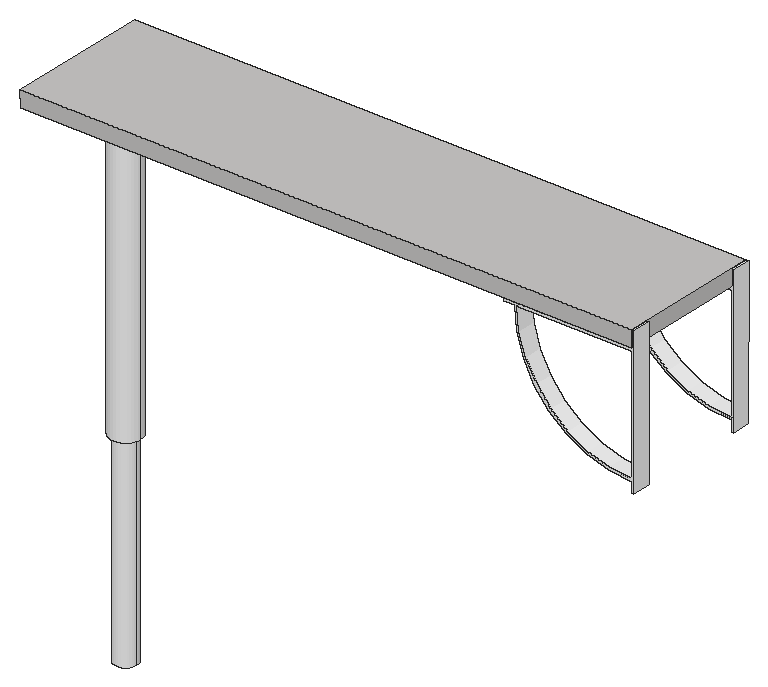
Revit family "Stainless_stell_bar_shelf_6470", category Мебель, Revit 2017
Family settings
  На основе рабочей плоскости = Нет
  Всегда вертикально = Да
  При загрузке вырезать с полостями = Нет
  Общий = Нет
  Точка расчета площади = Нет
Reference planes
  plane 1 "Centre (avant/arrière)": y = 0
  plane 2: z = 0
  plane 3 "Centre (gauche/droite)": x = 0
  plane 4: y = 280
  plane 5: x = 1200
  plane 6: z = 1000
Forms (mm)
  Extrusion 1, solid, material "TABLETTE INOX"
    sketch origin (1398.839, 0, 1000) x (1, 0, 0) y (0, 1, 0)
      loop
        line (-1398.839, 280) -> (-1398.839, 0) -> (-198.839, 0) -> (-198.839, 280) -> (-1398.839, 280)
    from 0 to 32
  Extrusion 2, solid, material "CHROME"
    sketch origin (0, 0, 0) x (1, 0, 0) y (0, 0, 1)
      loop
        line (1200, 1032) -> (1200, 1000) -> (950, 1000) -> (950, 995) -> (970, 995)
        arc (970, 995) -> (1037.365, 832.365) -> (1200, 765) r 230
        line (1200, 765) -> (1200, 745) -> (1205, 745) -> (1205, 1032) -> (1200, 1032)
      loop
        line (1200, 995) -> (975, 995)
        arc (975, 995) -> (1040.901, 835.901) -> (1200, 770) r 225
        line (1200, 770) -> (1200, 995)
    from 0 to -35
  Extrusion 3, solid, material "CHROME"
    sketch origin (17.527, 280, 1000) x (1, 0, 0) y (0, 0, -1)
      loop
        line (1187.473, -32) -> (1187.473, 255) -> (1182.473, 255) -> (1182.473, 235)
        arc (1182.473, 235) -> (1019.839, 167.635) -> (952.473, 5) r 230
        line (952.473, 5) -> (932.473, 5) -> (932.473, 0) -> (1182.473, 0) -> (1182.473, -32) -> (1187.473, -32)
      loop
        arc (1182.473, 230) -> (1023.374, 164.099) -> (957.473, 5) r 225
        line (957.473, 5) -> (1182.473, 5) -> (1182.473, 230)
    from 0 to -35
  Extrusion 4, solid, material "PEINTURE AGENT"
    sketch origin (1398.839, 50, 1000) x (0, 1, 0) y (1, 0, 0)
      loop
        circle (90, -1303.839) r 30
    from 0 to 600
  Extrusion 5, solid, material "PEINTURE AGENT"
    sketch origin (1398.839, 50, 400) x (-1, 0, 0) y (0, 1, 0)
      loop
        circle (1303.839, 90) r 22
    from 0 to 400
Dimensions and locks
  locked: plane 5 to plane 3 "Centre (gauche/droite)" at 1200
  level to plane 6 = 1000 mm
  Extrusion 2 sketch curve to Extrusion 2 sketch curve = 5 mm
  aligned and locked: plane 3 "Centre (gauche/droite)" to Extrusion 1 sketch curve
  aligned and locked: Extrusion 1 sketch curve to plane 5
  aligned and locked: Extrusion 1 sketch curve to plane 1 "Centre (avant/arrière)"
  aligned and locked: Extrusion 1 sketch curve to plane 4
